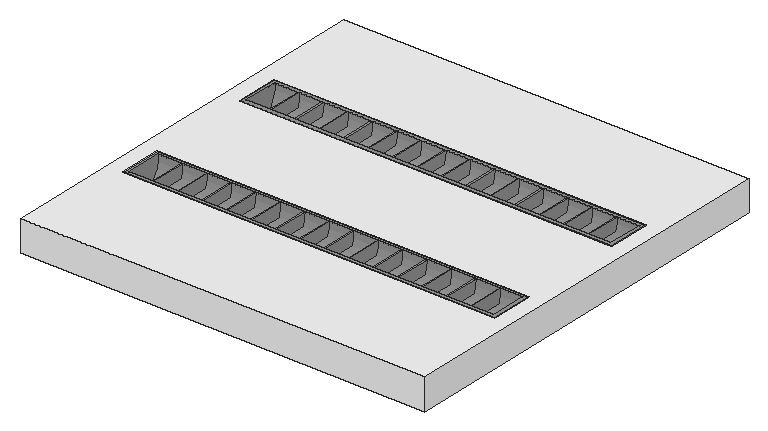
Revit family "0051234 Lighting Fixture_Sylvania_Rana LED 615x615-Electronic-4000K_Surface Mounted", category Lighting Fixtures, host Face, Revit 2015
Parameters (values of type "RANA LED D W CM+P 2*LH 4K")
  Width = 615.0 mm
  Weight = 3.50 kg
  Wattage = 64.3617 W
  built-in parameter 1150110 = 1 (stored number, unit not read)
  Voltage Comments = "UNV (Universal Voltage; 220-240 Volt)"  # constant formula
  Voltage = 230 V  # constant formula
  URL = "http://www.feilosylvania.com/"
  built-in parameter 1114217 = 1 (stored number, unit not read)
  Tilt Angle = -90.00°
  built-in parameter 1150109 = 1 (stored number, unit not read)
  built-in parameter 1150134 = 12
  built-in parameter 1150113 = 1 (stored number, unit not read)
  Reflector Material = Steel_Sylvania_RanaLED_Silver
  Product Page URL = "http://www.feilosylvania.com/product/en-int/products/0051234"
  Product Family = "Rana LED 615x615-Electronic-4000K Lamp"  # constant formula
  Photometry Comments = ""
  Photometric Web File = "0051234_RANALEDDWCM+P2LH4K-186556.ies"
  Louver Length = Length - 50.0 mm  # 565.0 mm
  Life = "50 000h"  # constant formula
  Length = Width  # 615.0 mm
  IP Rating = "20"  # constant formula
  IK Rating = "07"  # constant formula
  Height = 47.0 mm
  Energy Class = "A++, A+, A"  # constant formula
  built-in parameter 1114216 [instance] = 1 (stored number, unit not read)
  Model = "RANA LED D W CM+P 2*LH 4K"
  Manufacturer = "Feilo Sylvania"  # constant formula
  built-in parameter 1150105 = 3465.5 (stored number, unit not read)
  Lumens = 6050 lm
  built-in parameter 1150115 = 1 (stored number, unit not read)
  built-in parameter 1150137 = (empty or 0)
  built-in parameter 1150139 = (empty or 0)
  built-in parameter 1150112 = 1 (stored number, unit not read)
  built-in parameter 1150114 = 1 (stored number, unit not read)
  Lamp = "Integrated LED"  # constant formula
  built-in parameter 1150132 = 2
  built-in parameter 1150102 = (empty or 0)
  built-in parameter 1150107 = 4000 (stored number, unit not read)
  built-in parameter 1150138 = (empty or 0)
  built-in parameter 1150106 = 34.655 (stored number, unit not read)
  Emit from Rectangle Width = 287.0 mm  # constant formula
  Emit from Rectangle Length = Louver Length  # 565.0 mm
  Emit Shape Visible in Rendering = no
  built-in parameter 1150104 = 8.7329 (stored number, unit not read)
  Dimming Lamp Color Temperature Shift = <None>
  Description = "Provides perfect uniform light distribution greatly enhancing the lit space. Low profile for ease of installation in restricted ceiling voids. Two stage optic for optimum comfort and efficiency. UGR19 office compliant. Enclosed design reduces dust ingress and improves Lumen Maintenance Factor (LMF). 32W - 69W LED surface luminaire. Rana LED is perfect for office lighting applications, schools, airports and general lighting applications. Available with a satin optic and micro prism diffuser. Available in surface (615 X 615, 1183 X 1187). Rana LED delivers high efficiency up to 6,050lm (luminaire lumen output on 4,000K version), equating to 101lm/W (total system efficiency). Available in warm white (3,000K) and neutral white (4,000K). Integrated LED solution that has the same aesthetics as a T5 or T8 diffuse luminaire. Energy efficient electronic gear including DALI and 3 hour emergency versions as standard. Long lifetime: 50,000 hours life at 70% of the original output L70. Less maintenance is required due to the long lifetime of 50,000hrs. Energy Class: A++, A+, A. LED technology provides an energy efficient solution with reduced maintenance costs. Comes complete with safety cable"  # constant formula
  Default Elevation = 0.0 mm
  Color Filter = 16777215
  Catalog Number = "0051234 RANA LED D W CM+P 2*LH 4K"
  built-in parameter 1140040 [instance] = 1
  built-in parameter 1114218 = 1 (stored number, unit not read)
  built-in parameter 1150133 = 10 (stored number, unit not read)
  Assembly Code = "D5020200"
  Apparent Load Comments = ""
  Apparent Load = 64 VA
  Accessory Material = Aluminum_Sylvania_RanaLED_White
Types (4, lengths in mm): name | Weight | Wattage | built-in parameter 1150134 | Product Page URL | Photometric Web File | Model | built-in parameter 1150105 | Lumens | built-in parameter 1150107 | built-in parameter 1150106 | Catalog Number | Apparent Load
  RANA LED D W CM+P 2*LL 3K | 5.10 kg | 31.5957 W | (empty or 0) | "http://www.feilosylvania.com/product/en-int/products/0051223" | "0051223_RANALEDDWCM+P2LL3K-186491.ies" | "RANA LED D W CM+P 2*LL 3K" | 1712 (stored number, unit not read) | 2970 lm | 3000 (stored number, unit not read) | 17.12 (stored number, unit not read) | "0051223 RANA LED D W CM+P 2*LL 3K" | 32 VA
  RANA LED D W CM+P 3*LL 3K | 5.10 kg | 47.5532 W | (empty or 0) | "http://www.feilosylvania.com/product/en-int/products/0051231" | "0051231_RANALEDDWCM+P3LL3K-186501.ies" | "RANA LED D W CM+P 3*LL 3K" | 355.71 (stored number, unit not read) | 4470 lm | 3000 (stored number, unit not read) | 3.5571 (stored number, unit not read) | "0051231 RANA LED D W CM+P 3*LL 3K" | 48 VA
  RANA LED D W CM+P 2*LH 3K | 3.50 kg | 60.1064 W | (empty or 0) | "http://www.feilosylvania.com/product/en-int/products/0051239" | "0051239_RANALEDDWCM+P2LH3K-186511.ies" | "RANA LED D W CM+P 2*LH 3K" | 3250.7 (stored number, unit not read) | 5650 lm | 3000 (stored number, unit not read) | 32.507 (stored number, unit not read) | "0051239 RANA LED D W CM+P 2*LH 3K" | 64 VA
  RANA LED D W CM+P 2*LH 4K | 3.50 kg | 64.3617 W | 12 | "http://www.feilosylvania.com/product/en-int/products/0051234" | "0051234_RANALEDDWCM+P2LH4K-186556.ies" | "RANA LED D W CM+P 2*LH 4K" | 3465.5 (stored number, unit not read) | 6050 lm | 4000 (stored number, unit not read) | 34.655 (stored number, unit not read) | "0051234 RANA LED D W CM+P 2*LH 4K" | 64 VA
Reference planes
  plane 1 "Center (Front/Back)": y = 0
  plane 2 "Fixture Top": z = 0
  plane 3 "Center (Left/Right)": x = 0
  plane 4 "Fixture Left": x = -307.5
  plane 5 "Fixture Right": x = 307.5
  plane 6 "Fixture Back": y = 307.5
  plane 7 "Fixture Front": y = -307.5
  plane 8: x = -305.5
  plane 9: x = 305.5
  plane 10: y = 305.5
  plane 11: y = -305.5
  plane 12: y = 143.5
  plane 13: x = -282.5
  plane 14: x = 282.5
  plane 15: y = 78.5
  plane 16: y = -143.5
  plane 17: y = -78.5
  plane 18 "Fixture Bottom": z = 47
  plane 19: z = 45
  plane 20: z = 2
Forms (mm)
  Extrusion 1, solid, material "Aluminum_Sylvania_RanaLED_White" <- "Accessory Material", detail levels fine
    sketch origin (0, 0, 60) x (-1, 0, 0) y (0, -1, 0)
      loop
        line (307.5, -307.5) -> (307.5, 307.5) -> (-307.5, 307.5) -> (-307.5, -307.5) -> (307.5, -307.5)
      loop
        line (282.5, -78.5) -> (-282.5, -78.5) -> (-282.5, -143.5) -> (282.5, -143.5) -> (282.5, -78.5)
      loop
        line (-282.5, 78.5) -> (282.5, 78.5) -> (282.5, 143.5) -> (-282.5, 143.5) -> (-282.5, 78.5)
    from -15 to -13
  Extrusion 2, solid, material "Aluminum_Sylvania_RanaLED_White" <- "Accessory Material", detail levels fine
    sketch origin (0, 0, 60) x (-1, 0, 0) y (0, -1, 0)
      loop
        line (-307.5, -307.5) -> (307.5, -307.5) -> (307.5, 307.5) -> (-307.5, 307.5) -> (-307.5, -307.5)
      loop
        line (-305.5, -305.5) -> (305.5, -305.5) -> (305.5, 305.5) -> (-305.5, 305.5) -> (-305.5, -305.5)
    from -58 to -15
  Extrusion 3, solid, material "Aluminum_Sylvania_RanaLED_White" <- "Accessory Material", detail levels fine
    sketch origin (0, 0, 60) x (-1, 0, 0) y (0, -1, 0)
      loop
        line (-307.5, -307.5) -> (307.5, -307.5) -> (307.5, 307.5) -> (-307.5, 307.5) -> (-307.5, -307.5)
    from -60 to -58
  Extrusion 4, solid, material "Aluminum_Sylvania_RanaLED_White" <- "Accessory Material", detail levels coarse+medium
    sketch origin (0, 0, 60) x (-1, 0, 0) y (0, -1, 0)
      loop
        line (307.5, -307.5) -> (307.5, 307.5) -> (-307.5, 307.5) -> (-307.5, -307.5) -> (307.5, -307.5)
    from -60 to -13
Cuts and joins
  joined: Extrusion 1, Extrusion 2, Extrusion 3
Dimensions and locks
  equal spacing: plane 6 "Fixture Back", plane 1 "Center (Front/Back)", plane 7 "Fixture Front"
  "Width": plane 6 "Fixture Back" to plane 7 "Fixture Front"
  equal spacing: plane 4 "Fixture Left", plane 3 "Center (Left/Right)", plane 5 "Fixture Right"
  "Length": plane 4 "Fixture Left" to plane 5 "Fixture Right"
  locked: plane 4 "Fixture Left" to plane 8 at 2
  locked: plane 9 to plane 5 "Fixture Right" at 2
  locked: plane 6 "Fixture Back" to plane 10 at 2
  locked: plane 7 "Fixture Front" to plane 11 at 2
  locked: plane 4 "Fixture Left" to plane 13 at 25
  locked: plane 14 to plane 5 "Fixture Right" at 25
  locked: plane 12 to plane 1 "Center (Front/Back)" at 143.5
  locked: plane 16 to plane 1 "Center (Front/Back)" at 143.5
  locked: plane 1 "Center (Front/Back)" to plane 15 at 78.5
  locked: plane 17 to plane 1 "Center (Front/Back)" at 78.5
  "Height": plane 18 "Fixture Bottom" to plane 2 "Fixture Top"
  locked: plane 18 "Fixture Bottom" to plane 19 at 2
  locked: plane 20 to plane 2 "Fixture Top" at 2
  aligned and locked: plane 2 "Fixture Top" to host face
  aligned and locked: level to host face
  aligned and locked: Extrusion 1 sketch curve to plane 6 "Fixture Back"
  aligned and locked: plane 4 "Fixture Left" to Extrusion 1 sketch curve
  aligned and locked: Extrusion 1 sketch curve to plane 7 "Fixture Front"
  aligned and locked: plane 5 "Fixture Right" to Extrusion 1 sketch curve
  aligned and locked: Extrusion 1 sketch curve to plane 15
  aligned and locked: Extrusion 1 sketch curve to plane 13  (x2)
  aligned and locked: plane 12 to Extrusion 1 sketch curve
  aligned and locked: Extrusion 1 sketch curve to plane 14  (x2)
  aligned and locked: Extrusion 1 sketch curve to plane 17
  aligned and locked: plane 16 to Extrusion 1 sketch curve
  aligned and locked: Extrusion 1 to plane 19
  aligned and locked: plane 18 "Fixture Bottom" to Extrusion 1
  aligned and locked: Extrusion 2 sketch curve to Extrusion 1  (x4)
  aligned and locked: plane 10 to Extrusion 2 sketch curve
  aligned and locked: Extrusion 2 sketch curve to plane 9
  aligned and locked: plane 11 to Extrusion 2 sketch curve
  aligned and locked: Extrusion 2 sketch curve to plane 8
  aligned and locked: Extrusion 2 to plane 20
  aligned and locked: plane 19 to Extrusion 2
  aligned and locked: Extrusion 3 sketch curve to Extrusion 1  (x4)
  aligned and locked: Extrusion 3 to plane 2 "Fixture Top"
  aligned and locked: plane 20 to Extrusion 3
  aligned and locked: plane 14 to nested 1
  aligned and locked: nested 1 to plane 12
  aligned and locked: plane 14 to nested 2
  aligned and locked: plane 17 to nested 2
  aligned and locked: nested 2 to plane 18 "Fixture Bottom"
  aligned and locked: nested 1 to plane 18 "Fixture Bottom"
  aligned and locked: plane 3 "Center (Left/Right)" to imposter light
  aligned and locked: imposter light to plane 1 "Center (Front/Back)"
  aligned and locked: plane 18 "Fixture Bottom" to imposter light
  aligned and locked: Extrusion 4 sketch curve to cut or joined group of Extrusion 1, Extrusion 2, Extrusion 3  (x4)
  aligned and locked: Extrusion 4 to plane 2 "Fixture Top"
  aligned and locked: plane 18 "Fixture Bottom" to Extrusion 4
Automatic sketch dimensions
  host sketch curve to host sketch curve = 1713.741 mm
  host sketch curve to host sketch curve = 1283.632 mm
Nested families
  nested 1: "Reflector Rana LED" at (0, 111, 7) x (0, 1, 0) z (0, 0, 1), type "Type", detail levels fine
    with Length 565.0 mm
  nested 2: "Reflector Rana LED" at (0, -111, 7) x (0, 1, 0) z (0, 0, 1), type "Type", detail levels fine
    with Length 565.0 mm
Connectors
  electrical at (0, 0, 0), driven by "Voltage", driven by "Apparent Load"
    settings: on cut or joined group of Extrusion 1, Extrusion 2, Extrusion 3, index 1, voltage 230 V, apparent load 0 VA, apparent load phase1 64 VA, apparent load phase2 0 VA, apparent load phase3 0 VA, power factor 1, load classification "Lighting", number of poles 1, system type 31, power factor state 1, is connector primary yes, connector utility no, sub classification motor no, connector description ""
Definition of nested family "Reflector Rana LED"
  Parameters
    Length = 558.0 mm
    Lamella Number = Length / 39.0 mm  # 14
    Height = 40.0 mm
    Width = 65.0 mm
    Default Elevation = 0.0 mm
    Reflector Material = none
  Reference planes
    plane 1 "Center (Front/Back)": y = 0
    plane 2: z = 0
    plane 3 "Center (Left/Right)": x = 0
    plane 4: x = 32.5
    plane 5: x = -32.5
    plane 6: z = 40
    plane 7: x = -27.5
    plane 8: x = 27.5
    plane 9: z = 3
    plane 10: x = -15
    plane 11: x = 15
    plane 12: y = 279
    plane 13: y = -279
    plane 14: y = 239
    plane 15: y = -239
    plane 16: y = 274
    plane 17: y = -274
    plane 18: z = 20
    plane 19: z = 38.5
  Forms (mm)
    Extrusion 1, solid, material <- "Reflector Material"
      sketch origin (0, 0, 0) x (1, 0, 0) y (0, 0, 1)
        loop
          line (-27.5, 40) -> (-32.5, 40) -> (-32.5, 0) -> (32.5, 0) -> (32.5, 40) -> (27.5, 40)
          arc (27.5, 40) -> (24.712, 20.33) -> (15, 3) r 54
          line (15, 3) -> (-15, 3)
          arc (-15, 3) -> (-24.712, 20.33) -> (-27.5, 40) r 54
      from -279 to 279
    Extrusion 2, solid, material <- "Reflector Material"
      sketch origin (0, 0, 0) x (1, 0, 0) y (0, 0, 1)
        loop
          line (32.5, 40) -> (-32.5, 40) -> (-32.5, 0) -> (32.5, 0) -> (32.5, 40)
      from 274 to 279
    Extrusion 3, solid, material <- "Reflector Material"
      sketch origin (0, 0, 0) x (1, 0, 0) y (0, 0, -1)
        loop
          line (32.5, -40) -> (32.5, 0) -> (-32.5, 0) -> (-32.5, -40) -> (32.5, -40)
      from 274 to 279
    Extrusion 4, solid, material <- "Reflector Material"
      sketch origin (0, -1, 0) x (1, 0, 0) y (0, 0, 1)
        loop
          line (-24.599, 20) -> (24.599, 20)
          arc (24.599, 20) -> (26.881, 29.121) -> (27.545, 38.5) r 54
          line (27.545, 38.5) -> (-27.545, 38.5)
          arc (-27.545, 38.5) -> (-26.881, 29.121) -> (-24.599, 20) r 54
      from -240 to -238
    Extrusion 5, solid, material <- "Reflector Material"
      sketch origin (0, -477, 0) x (1, 0, 0) y (0, 0, 1)
        loop
          line (-24.599, 20) -> (24.599, 20)
          arc (24.599, 20) -> (26.881, 29.121) -> (27.545, 38.5) r 54
          line (27.545, 38.5) -> (-27.545, 38.5)
          arc (-27.545, 38.5) -> (-26.881, 29.121) -> (-24.599, 20) r 54
      from -240 to -238
    Extrusion 6, solid, material <- "Reflector Material"
      sketch origin (0, -37.615, 0) x (1, 0, 0) y (0, 0, 1)
        loop
          line (-24.599, 20) -> (24.599, 20)
          arc (24.599, 20) -> (26.881, 29.121) -> (27.545, 38.5) r 54
          line (27.545, 38.5) -> (-27.545, 38.5)
          arc (-27.545, 38.5) -> (-26.881, 29.121) -> (-24.599, 20) r 54
      from -240 to -238
    Extrusion 7, solid, material <- "Reflector Material"
      sketch origin (0, -74.231, 0) x (1, 0, 0) y (0, 0, 1)
        loop
          line (-24.599, 20) -> (24.599, 20)
          arc (24.599, 20) -> (26.881, 29.121) -> (27.545, 38.5) r 54
          line (27.545, 38.5) -> (-27.545, 38.5)
          arc (-27.545, 38.5) -> (-26.881, 29.121) -> (-24.599, 20) r 54
      from -240 to -238
    Extrusion 8, solid, material <- "Reflector Material"
      sketch origin (0, -110.846, 0) x (1, 0, 0) y (0, 0, 1)
        loop
          line (-24.599, 20) -> (24.599, 20)
          arc (24.599, 20) -> (26.881, 29.121) -> (27.545, 38.5) r 54
          line (27.545, 38.5) -> (-27.545, 38.5)
          arc (-27.545, 38.5) -> (-26.881, 29.121) -> (-24.599, 20) r 54
      from -240 to -238
    Extrusion 9, solid, material <- "Reflector Material"
      sketch origin (0, -147.462, 0) x (1, 0, 0) y (0, 0, 1)
        loop
          line (-24.599, 20) -> (24.599, 20)
          arc (24.599, 20) -> (26.881, 29.121) -> (27.545, 38.5) r 54
          line (27.545, 38.5) -> (-27.545, 38.5)
          arc (-27.545, 38.5) -> (-26.881, 29.121) -> (-24.599, 20) r 54
      from -240 to -238
    Extrusion 10, solid, material <- "Reflector Material"
      sketch origin (0, -184.077, 0) x (1, 0, 0) y (0, 0, 1)
        loop
          line (-24.599, 20) -> (24.599, 20)
          arc (24.599, 20) -> (26.881, 29.121) -> (27.545, 38.5) r 54
          line (27.545, 38.5) -> (-27.545, 38.5)
          arc (-27.545, 38.5) -> (-26.881, 29.121) -> (-24.599, 20) r 54
      from -240 to -238
    Extrusion 11, solid, material <- "Reflector Material"
      sketch origin (0, -220.692, 0) x (1, 0, 0) y (0, 0, 1)
        loop
          line (-24.599, 20) -> (24.599, 20)
          arc (24.599, 20) -> (26.881, 29.121) -> (27.545, 38.5) r 54
          line (27.545, 38.5) -> (-27.545, 38.5)
          arc (-27.545, 38.5) -> (-26.881, 29.121) -> (-24.599, 20) r 54
      from -240 to -238
    Extrusion 12, solid, material <- "Reflector Material"
      sketch origin (0, -257.308, 0) x (1, 0, 0) y (0, 0, 1)
        loop
          line (-24.599, 20) -> (24.599, 20)
          arc (24.599, 20) -> (26.881, 29.121) -> (27.545, 38.5) r 54
          line (27.545, 38.5) -> (-27.545, 38.5)
          arc (-27.545, 38.5) -> (-26.881, 29.121) -> (-24.599, 20) r 54
      from -240 to -238
    Extrusion 13, solid, material <- "Reflector Material"
      sketch origin (0, -293.923, 0) x (1, 0, 0) y (0, 0, 1)
        loop
          line (-24.599, 20) -> (24.599, 20)
          arc (24.599, 20) -> (26.881, 29.121) -> (27.545, 38.5) r 54
          line (27.545, 38.5) -> (-27.545, 38.5)
          arc (-27.545, 38.5) -> (-26.881, 29.121) -> (-24.599, 20) r 54
      from -240 to -238
    Extrusion 14, solid, material <- "Reflector Material"
      sketch origin (0, -330.538, 0) x (1, 0, 0) y (0, 0, 1)
        loop
          line (-24.599, 20) -> (24.599, 20)
          arc (24.599, 20) -> (26.881, 29.121) -> (27.545, 38.5) r 54
          line (27.545, 38.5) -> (-27.545, 38.5)
          arc (-27.545, 38.5) -> (-26.881, 29.121) -> (-24.599, 20) r 54
      from -240 to -238
    Extrusion 15, solid, material <- "Reflector Material"
      sketch origin (0, -367.154, 0) x (1, 0, 0) y (0, 0, 1)
        loop
          line (-24.599, 20) -> (24.599, 20)
          arc (24.599, 20) -> (26.881, 29.121) -> (27.545, 38.5) r 54
          line (27.545, 38.5) -> (-27.545, 38.5)
          arc (-27.545, 38.5) -> (-26.881, 29.121) -> (-24.599, 20) r 54
      from -240 to -238
    Extrusion 16, solid, material <- "Reflector Material"
      sketch origin (0, -403.769, 0) x (1, 0, 0) y (0, 0, 1)
        loop
          line (-24.599, 20) -> (24.599, 20)
          arc (24.599, 20) -> (26.881, 29.121) -> (27.545, 38.5) r 54
          line (27.545, 38.5) -> (-27.545, 38.5)
          arc (-27.545, 38.5) -> (-26.881, 29.121) -> (-24.599, 20) r 54
      from -240 to -238
    Extrusion 17, solid, material <- "Reflector Material"
      sketch origin (0, -440.385, 0) x (1, 0, 0) y (0, 0, 1)
        loop
          line (-24.599, 20) -> (24.599, 20)
          arc (24.599, 20) -> (26.881, 29.121) -> (27.545, 38.5) r 54
          line (27.545, 38.5) -> (-27.545, 38.5)
          arc (-27.545, 38.5) -> (-26.881, 29.121) -> (-24.599, 20) r 54
      from -240 to -238
  Cuts and joins
    joined: Extrusion 1, Extrusion 2, Extrusion 3
  Dimensions and locks
    equal spacing: plane 4, plane 3 "Center (Left/Right)", plane 5
    "Width": plane 5 to plane 4
    "Height": plane 6 to level
    locked: plane 7 to plane 5 at 5
    locked: plane 8 to plane 4 at 5
    locked: plane 5 to plane 10 at 17.5
    locked: plane 4 to plane 11 at 17.5
    equal spacing: plane 13, plane 1 "Center (Front/Back)", plane 12
    "Length": plane 12 to plane 13
    locked: plane 12 to plane 14 at 40
    locked: plane 15 to plane 13 at 40
    locked: plane 17 to plane 13 at 5
    locked: plane 12 to plane 16 at 5
    equal spacing: group 1, group 3, group 4, group 5, group 6, group 7, group 8, group 9, group 10, group 11, group 12, group 13, group 14, group 2  (x2)
    equal spacing: group 2, group 14, group 13, group 12, group 11, group 10, group 9, group 8, group 7, group 6, group 5, group 4, group 3, group 1
    locked: plane 6 to plane 19 at 1.5
    locked: plane 6 to plane 18 at 20
    locked: plane 6 to plane 9 at 37
    aligned and locked: level to plane 2
    aligned and locked: plane 10 to Extrusion 1 sketch curve
    aligned and locked: plane 6 to Extrusion 1 sketch curve
    aligned and locked: plane 7 to Extrusion 1 sketch curve
    aligned and locked: plane 8 to Extrusion 1 sketch curve
    aligned and locked: plane 9 to Extrusion 1 sketch curve  (x2)
    aligned and locked: plane 11 to Extrusion 1 sketch curve
    aligned and locked: Extrusion 1 sketch curve to plane 5
    aligned and locked: plane 2 to Extrusion 1 sketch curve
    aligned and locked: Extrusion 1 sketch curve to plane 4
    aligned and locked: Extrusion 1 sketch curve to plane 6  (x2)
    aligned and locked: plane 12 to Extrusion 1
    aligned and locked: Extrusion 1 to plane 13
    aligned and locked: Extrusion 2 sketch curve to Extrusion 1  (x4)
    aligned and locked: Extrusion 2 to plane 13
    aligned and locked: Extrusion 2 to plane 17
    aligned and locked: plane 12 to Extrusion 3
    aligned and locked: Extrusion 3 to plane 16
    aligned and locked: Extrusion 4 to plane 14
    aligned and locked: Extrusion 5 to plane 15
    aligned and locked: plane 14 to Extrusion 4
    aligned and locked: Extrusion 4 to plane 18
    aligned and locked: plane 19 to Extrusion 4
    aligned and locked: plane 19 to Extrusion 5
    aligned and locked: Extrusion 5 to plane 18
  Automatic sketch dimensions
    Extrusion 1 sketch curve to plane 19 = 0.886 mm  (x2)
    plane 5 to Extrusion 3 sketch curve = 0.0 mm
    Extrusion 3 sketch curve to level = 0.0 mm
    Extrusion 3 sketch curve to plane 4 = 0.0 mm
    Extrusion 3 sketch curve to plane 6 = 0.0 mm
    Extrusion 4 sketch curve to Extrusion 4 sketch curve = 2.946 mm  (x2)
    Extrusion 4 sketch curve to Extrusion 4 sketch curve = 49.199 mm
    Extrusion 4 sketch curve to Extrusion 4 sketch curve = 1.098 mm  (x2)
    Extrusion 4 sketch curve to Extrusion 4 sketch curve = 18.5 mm
    Extrusion 5 sketch curve to Extrusion 5 sketch curve = 2.946 mm  (x2)
    Extrusion 5 sketch curve to Extrusion 5 sketch curve = 49.199 mm
    Extrusion 5 sketch curve to Extrusion 5 sketch curve = 1.098 mm  (x2)
    Extrusion 5 sketch curve to Extrusion 5 sketch curve = 18.5 mm
    Extrusion 6 sketch curve to Extrusion 6 sketch curve = 2.946 mm  (x2)
    Extrusion 6 sketch curve to Extrusion 6 sketch curve = 49.199 mm
    Extrusion 6 sketch curve to Extrusion 6 sketch curve = 1.098 mm  (x2)
    Extrusion 6 sketch curve to Extrusion 6 sketch curve = 18.5 mm
    Extrusion 7 sketch curve to Extrusion 7 sketch curve = 2.946 mm  (x2)
    Extrusion 7 sketch curve to Extrusion 7 sketch curve = 49.199 mm
    Extrusion 7 sketch curve to Extrusion 7 sketch curve = 1.098 mm  (x2)
    Extrusion 7 sketch curve to Extrusion 7 sketch curve = 18.5 mm
    Extrusion 8 sketch curve to Extrusion 8 sketch curve = 2.946 mm  (x2)
    Extrusion 8 sketch curve to Extrusion 8 sketch curve = 49.199 mm
    Extrusion 8 sketch curve to Extrusion 8 sketch curve = 1.098 mm  (x2)
    Extrusion 8 sketch curve to Extrusion 8 sketch curve = 18.5 mm
    Extrusion 9 sketch curve to Extrusion 9 sketch curve = 2.946 mm  (x2)
    Extrusion 9 sketch curve to Extrusion 9 sketch curve = 49.199 mm
    Extrusion 9 sketch curve to Extrusion 9 sketch curve = 1.098 mm  (x2)
    Extrusion 9 sketch curve to Extrusion 9 sketch curve = 18.5 mm
    Extrusion 10 sketch curve to Extrusion 10 sketch curve = 2.946 mm  (x2)
    Extrusion 10 sketch curve to Extrusion 10 sketch curve = 49.199 mm
    Extrusion 10 sketch curve to Extrusion 10 sketch curve = 1.098 mm  (x2)
    Extrusion 10 sketch curve to Extrusion 10 sketch curve = 18.5 mm
    Extrusion 11 sketch curve to Extrusion 11 sketch curve = 2.946 mm  (x2)
    Extrusion 11 sketch curve to Extrusion 11 sketch curve = 49.199 mm
    Extrusion 11 sketch curve to Extrusion 11 sketch curve = 1.098 mm  (x2)
    Extrusion 11 sketch curve to Extrusion 11 sketch curve = 18.5 mm
    Extrusion 12 sketch curve to Extrusion 12 sketch curve = 2.946 mm  (x2)
    Extrusion 12 sketch curve to Extrusion 12 sketch curve = 49.199 mm
    Extrusion 12 sketch curve to Extrusion 12 sketch curve = 1.098 mm  (x2)
    Extrusion 12 sketch curve to Extrusion 12 sketch curve = 18.5 mm
    Extrusion 13 sketch curve to Extrusion 13 sketch curve = 2.946 mm  (x2)
    Extrusion 13 sketch curve to Extrusion 13 sketch curve = 49.199 mm
    Extrusion 13 sketch curve to Extrusion 13 sketch curve = 1.098 mm  (x2)
    Extrusion 13 sketch curve to Extrusion 13 sketch curve = 18.5 mm
    Extrusion 14 sketch curve to Extrusion 14 sketch curve = 2.946 mm  (x2)
    Extrusion 14 sketch curve to Extrusion 14 sketch curve = 49.199 mm
    Extrusion 14 sketch curve to Extrusion 14 sketch curve = 1.098 mm  (x2)
    Extrusion 14 sketch curve to Extrusion 14 sketch curve = 18.5 mm
    Extrusion 15 sketch curve to Extrusion 15 sketch curve = 2.946 mm  (x2)
    Extrusion 15 sketch curve to Extrusion 15 sketch curve = 49.199 mm
    Extrusion 15 sketch curve to Extrusion 15 sketch curve = 1.098 mm  (x2)
    Extrusion 15 sketch curve to Extrusion 15 sketch curve = 18.5 mm
    Extrusion 16 sketch curve to Extrusion 16 sketch curve = 2.946 mm  (x2)
    Extrusion 16 sketch curve to Extrusion 16 sketch curve = 49.199 mm
    Extrusion 16 sketch curve to Extrusion 16 sketch curve = 1.098 mm  (x2)
    Extrusion 16 sketch curve to Extrusion 16 sketch curve = 18.5 mm
    Extrusion 17 sketch curve to Extrusion 17 sketch curve = 2.946 mm  (x2)
    Extrusion 17 sketch curve to Extrusion 17 sketch curve = 49.199 mm
    Extrusion 17 sketch curve to Extrusion 17 sketch curve = 1.098 mm  (x2)
    Extrusion 17 sketch curve to Extrusion 17 sketch curve = 18.5 mm
